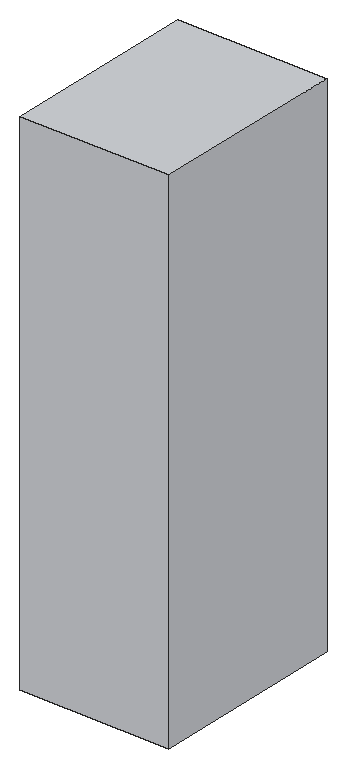
Revit family "KNS_KK_Соединитель парапетный_IEK", category Соединительные детали воздуховодов, Revit 2019
Family settings
  Размер круглого соединителя = Использовать диаметр
  Тип детали = Соединение
  Номер OmniClass = 23.75.70.14
  Заголовок OmniClass = Air Ductwork
  На основе рабочей плоскости = Нет
  Всегда вертикально = Да
  При загрузке вырезать с полостями = Нет
  Общий = Нет
Parameters (values of type "Боковой стык")
  Ширина воздуховода [instance] = 40 mm
  Лицевой стык [instance] = Выбор = 2 mm  # no
  Изготовитель = "IEK"  # constant formula
  Длина воздуховода [instance] = if(or(Высота воздуховода = 12 mm, Высота воздуховода = 15 mm, Высота воздуховода = 16 mm, Высота воздуховода = 20 mm, Высота воздуховода = 25 mm), 15 mm, if(Высота воздуховода = 40 mm, 22 mm, if(Высота воздуховода = 60 mm, 27 mm, if(or(Высота воздуховода = 80 mm, Высота воздуховода = 100 mm), 30 mm, 30 mm))))  # 30 mm
  Высота воздуховода [instance] = 100 mm
  Выбор = 1 mm
  Боковой стык [instance] = Выбор = 1 mm  # yes
  a [instance] = if(Выбор = 1 mm, Высота воздуховода + 4 mm, Высота воздуховода)  # 104 mm
  URL = "https://www.iek.ru/"
  KSI_CPr_Строительные изделия = "20.2.05.01"  # constant formula
  KSI_CMa_Строительные материалы = "01.07.14"  # constant formula
  IEK_Цена с НДС [instance] = size_lookup("IEK_Соединитель парапетный", "Cost", "Неправильный размер", Высота воздуховода, Ширина воздуховода, Выбор, IEK_Цвет)  # "12.99"
  IEK_Цвет [instance] = "Белый"
  IEK_Срок службы = "25 лет"  # constant formula
  IEK_Поиск в таблице имен = ""
  IEK_Описание = "Соединитель на стык боковой служит для закрытия распила с боков при соединении кабель-каналов на прямой плоскости."
  IEK_Монтажная температура = "-15...+60 °C"  # constant formula
  IEK_Гарантийный срок = "2 года"  # constant formula
  IEK_URL [instance] = size_lookup("IEK_Соединитель парапетный", "Link", "Неправильный размер", Высота воздуховода, Ширина воздуховода, Выбор, IEK_Цвет)  # "https://www.iek.ru/products/catalog/?page=detail&article=CKK-40D-SB40-K01&utm_source=price"
  IEK_ID [instance] = size_lookup("IEK_Соединитель парапетный", "ID", "Неправильный размер", Высота воздуховода, Ширина воздуховода, Выбор, IEK_Цвет)  # "#501030205001"
  ADSK_Примечание = ""
  ADSK_Позиция = ""
  ADSK_Обозначение = "ТУ 27.33.14-004-83135016-2017"  # constant formula
  ADSK_Наименование [instance] = size_lookup("IEK_Соединитель парапетный", "Name", "Неправильный размер", Высота воздуховода, Ширина воздуховода, Выбор, IEK_Цвет)  # "Соединитель на стык боковой высотой 40"
  ADSK_Материал обозначение = "Пластик"  # constant formula
  ADSK_Материал наименование = "ПВХ (PVC)"  # constant formula
  ADSK_Материал [instance] = none
  ADSK_Масса_Текст [instance] = ""
  ADSK_Масса [instance] = 0
  ADSK_Марка = "ПРАЙМЕР"  # constant formula
  ADSK_Код изделия [instance] = size_lookup("IEK_Соединитель парапетный", "Code", "Неправильный размер", Высота воздуховода, Ширина воздуховода, Выбор, IEK_Цвет)  # "CKK-40D-SB40-K01"
  ADSK_Завод-изготовитель = "IEK"  # constant formula
  ADSK_Единица измерения = "шт"  # constant formula
  ADSK_Группирование = "Кабельные короба"
  ADSK_Версия семейства = "1.1"  # constant formula
  ADSK_Версия Revit = "2019"  # constant formula
  ADSK_URL страницы изделия = "https://www.iek.ru/products/catalog/sistemy_dlya_prokladki_kabelya/kabel_kanaly_i_aksessuary/kabel_kanaly_parapetnye_i_aksessuary/aksessuary_dlya_parapetnykh_kabel_kanalov_praymer/soedinitel_praymer/"
  ADSK_URL документации изделия = "https://www.iek.ru/upload/pictures/katalogi/ru_ru/5-catalog_kabeln_syst.pdf"
Types (3, lengths in mm): name | Лицевой стык | Выбор | Боковой стык | a | IEK_Цена с НДС | IEK_Описание | IEK_URL | IEK_ID | ADSK_Наименование | ADSK_Код изделия | ADSK_URL страницы изделия
  Боковой стык | no | 1 | yes | 104 | "12.99" | "Соединитель на стык боковой служит для закрытия распила с боков при соединении кабель-каналов на прямой плоскости." | "https://www.iek.ru/products/catalog/?page=detail&article=CKK-40D-SB40-K01&utm_source=price" | "#501030205001" | "Соединитель на стык боковой высотой 40" | "CKK-40D-SB40-K01" | "https://www.iek.ru/products/catalog/sistemy_dlya_prokladki_kabelya/kabel_kanaly_i_aksessuary/kabel_kanaly_parapetnye_i_aksessuary/aksessuary_dlya_parapetnykh_kabel_kanalov_praymer/soedinitel_praymer/"
  Лицевой стык | yes | 2 | no | 100 | "20.38" | "Соединитель на стык лицевой служит для закрытия распила крышек при соединении кабель-каналов на прямой плоскости." | "https://www.iek.ru/products/catalog/?page=detail&article=CKK-40D-SL75-K01&utm_source=price" | "#501030205005" | "Соединитель на стык лицевой для крышки 75" | "CKK-40D-SL75-K01" | "https://www.iek.ru/products/catalog/sistemy_dlya_prokladki_kabelya/kabel_kanaly_i_aksessuary/kabel_kanaly_parapetnye_i_aksessuary/aksessuary_dlya_parapetnykh_kabel_kanalov_praymer/soedinitel_praymer/"
  Стандарт | no | 1 | yes | 104 | "12.99" | "Соединитель на стык КМС служит для соединения двух кабель-каналов одинакового типоразмера на прямой плоскости." | "https://www.iek.ru/products/catalog/?page=detail&article=CKK-40D-SB40-K01&utm_source=price" | "#501030205001" | "Соединитель на стык боковой высотой 40" | "CKK-40D-SB40-K01" | "https://www.iek.ru/products/catalog/sistemy_dlya_prokladki_kabelya/kabel_kanaly_i_aksessuary/kabel_kanaly_magistralnye_belye_i_aksessuary/aksessuary_dlya_magistralnykh_kabel_kanalov_belye/soedinitel_kms_belyy/"
Reference planes
  plane 1 "По центру (Вперед/Назад)": y = 0
  plane 2: z = 0
  plane 3 "По центру (Влево/Вправо)": x = 0
  plane 4: x = -15
  plane 5: x = 15
  plane 6: z = 52
  plane 7: z = -52
Forms (mm)
  Extrusion 1, solid, detail levels medium
    sketch origin (0, 0, 0) x (0, 1, 0) y (0, 0, 1)
      loop
        line (20, -50) -> (20, 50) -> (-20, 50) -> (-20, -50) -> (20, -50)
    from -15 to 15
  Extrusion 2, solid, detail levels fine
    sketch origin (0, 0, 0) x (1, 0, 0) y (0, 0, 1)
      loop
        line (-15, 52) -> (-15, -52) -> (15, -52) -> (15, 52) -> (-15, 52)
    from -20 to 20
Lines and regions (mm)
  model lines, style "DuctFitting", detail levels coarse
    curve 1: line (-15, 0, 0) -> (15, 0, 0)
Dimensions and locks
  equal spacing: plane 4, plane 3 "По центру (Влево/Вправо)", plane 5
  "Длина воздуховода": plane 4 to plane 5
  equal spacing: Extrusion 1 sketch curve, plane 1 "По центру (Вперед/Назад)", Extrusion 1 sketch curve
  equal spacing: Extrusion 1 sketch curve, level, Extrusion 1 sketch curve
  "Ширина воздуховода": Extrusion 1 sketch curve to Extrusion 1 sketch curve
  "Высота воздуховода": Extrusion 1 sketch curve to Extrusion 1 sketch curve
  "a": plane 6 to plane 7
  equal spacing: plane 6, level, plane 7
  aligned and locked: Extrusion 1 to plane 4
  aligned and locked: plane 5 to Extrusion 1
  aligned and locked: curve 1 to Extrusion 1
  aligned and locked: connector elem to curve 1
  aligned and locked: Extrusion 2 sketch curve to plane 4
  aligned and locked: plane 5 to Extrusion 2 sketch curve
  aligned and locked: Extrusion 2 sketch curve to plane 6
  aligned and locked: plane 7 to Extrusion 2 sketch curve
  aligned and locked: Extrusion 2 to Extrusion 1  (x2)
Automatic sketch dimensions
  curve 1 to plane 5 = 0 mm
Connectors
  hvac at (-15, 0, 0), driven by "Высота воздуховода", driven by "Ширина воздуховода"
    settings: on Extrusion 1, index 0, duct flow 0.0 L/s, flow factor 0, pres drop 0.0 Pa, loss coef 0, conn angle 0.00°, conn width 40 mm, conn height 100 mm, conn diameter 609.6 mm, duct sys type 28, conn prof type 1, flow config 0, flow direction 0, loss method 0, conn ref index 1, conn util no, is conn primary yes, conn desc ""
  hvac at (15, 0, 0), driven by "Высота воздуховода", driven by "Ширина воздуховода"
    settings: on Extrusion 1, index 1, duct flow 0.0 L/s, flow factor 0, pres drop 0.0 Pa, loss coef 0, conn angle 0.00°, conn width 40 mm, conn height 100 mm, conn diameter 609.6 mm, duct sys type 28, conn prof type 1, flow config 0, flow direction 0, loss method 0, conn ref index 0, conn util no, is conn primary no, conn desc ""
